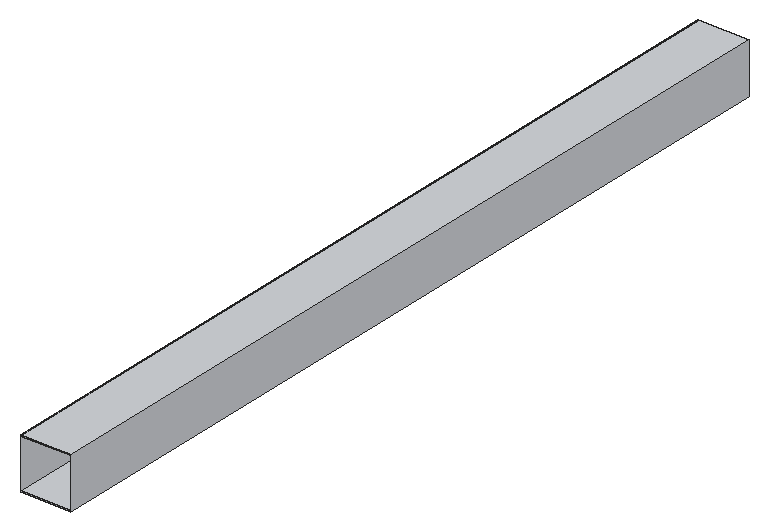
Revit family "Scatolato", category Generic Models, Revit 2012
Parameters
  Spessore scatolato = 0.0015 m
  Peso scatolato = Peso lineare scatolato * Estrusione scatolato  # 0.00 kN
  Peso lineare scatolato = 0 N/m
  Estrusione scatolato = 2.000 m
  Dimensioni scatolato = 0.120 m
  Angolo scatolato = 90.00°
Reference planes (m)
  plane 1 "Center (Front/Back)": y = 0
  plane 2: z = 0
  plane 3 "Center (Left/Right)": x = 0
  plane 4: x = 0.12
Forms (m)
  Extrusion 1, solid
    sketch origin (0, 0, 0) x (1, 0, 0) y (0, 0, 1)
      loop
        line (0, 0.12) -> (0, 0) -> (0.12, 0) -> (0.12, 0.12) -> (0, 0.12)
      loop
        line (0.0015, 0.1185) -> (0.0015, 0.0015) -> (0.1185, 0.0015) -> (0.1185, 0.1185) -> (0.0015, 0.1185)
    from 0 to 2
Dimensions and locks (m)
  "Dimensioni scatolato": plane 4 to plane 3 "Center (Left/Right)"
  "Spessore scatolato": Extrusion 1 sketch curve to Extrusion 1 sketch curve  (x4)
  "Angolo scatolato": angle level to Extrusion 1
  aligned and locked: level to plane 2
  aligned and locked: level to Extrusion 1 sketch curve
  aligned and locked: Extrusion 1 to plane 3 "Center (Left/Right)"
  aligned and locked: plane 4 to Extrusion 1
Automatic sketch dimensions
  Extrusion 1 sketch curve to plane 3 "Center (Left/Right)" = 0.000 m
  Extrusion 1 sketch curve to plane 4 = 0.000 m
  Extrusion 1 sketch curve to Extrusion 1 sketch curve = 0.117 m
